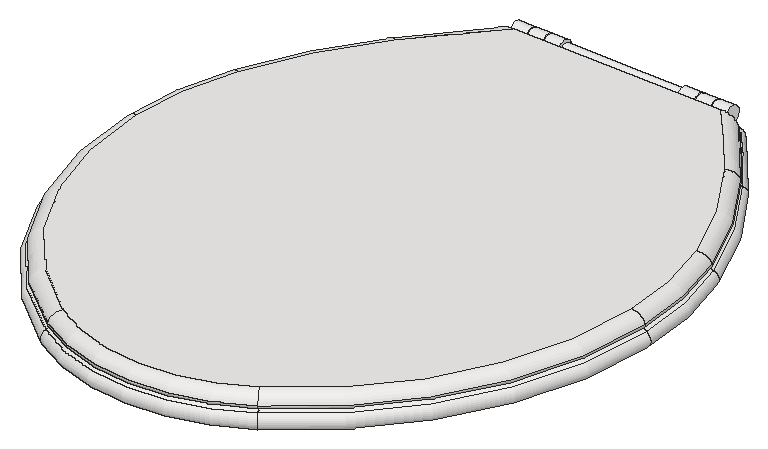
Revit family "ok-Celite_Universal_Assento para Bacia Sanitária_90981", category Plumbing Fixtures, Revit 2014
Parameters (values of type "Branco - 90981")
  WFU = 0
  Type Comments = ""
  Outros Complementos [instance] = "N/A"
  Assento [instance] = Celite - Louça_Branca
  HWFU = 0
  URL = "http://www.celite.com.br"
  Selo de Qualidade ofcdesk = "Standard"  # constant formula
  Model = Celite: Código  # "90981"
  Acessório [instance] = Celite - Cromado
  Manufacturer = Celite: Fabricante  # "Celite"
  Description = Celite: Descrição  # "Assento universal para bacia sanitária cor branco (90981), linha Universal - Louças Celite"
  Default Elevation = 0 mm
  Desenvolvido por = "ofcdesk"  # constant formula
  Celite: Versão = "Autodesk Revit MEP 2014"  # constant formula
  Celite: Tipo = "Assentos para bacias"  # constant formula
  Celite: Produto = "Assentos"  # constant formula
  Celite: Norma = "ABNT NBR 15097-1: 2011 - Requisitos e métodos de ensaio"
  Celite: Link do Produto = "http://www.celite.com.br/pt/produtos/categoria/4/linha/17/"
  Celite: Linha = "Universal"  # constant formula
  Celite: Informações Técnicas [instance] = "N/A"
  Celite: Informações Gerais [instance] = "N/A"
  Celite: Fabricante = "Celite"  # constant formula
  Celite: Desenho Técnico = "N/A"
  Celite: Descrição = "Assento universal para bacia sanitária cor branco (90981), linha Universal - Louças Celite"
  Celite: Código = "90981"
  Celite: Cores Disponíveis = "Branco"
  Celite: Copyright © = "© 2014 Celite"  # constant formula
  Celite: Complementos [instance] = "N/A"
  Celite: Categoria = "Assentos"  # constant formula
  Celite: Altura da Peça [instance] = 0 mm
  CWFU = 0
  Assembly Code = "D2010400"
Types (6, lengths in mm): name | Assento | Description | Celite: Descrição | Celite: Cores Disponíveis
  (no name) | Celite - Louça_Branca | "Assento universal para bacia sanitária cor branco (90981), linha Universal - Louças Celite" | "Assento universal para bacia sanitária cor branco (90981), linha Universal - Louças Celite" | "Branco"
  Pergamon - 90981 | Celite - Louça_Pergamon | "Assento universal para bacia sanitária cor pergamon  (90981), linha Universal - Louças Celite" | "Assento universal para bacia sanitária cor pergamon  (90981), linha Universal - Louças Celite" | "Pergamon"
  Branco - 90981 | Celite - Louça_Branca | "Assento universal para bacia sanitária cor branco (90981), linha Universal - Louças Celite" | "Assento universal para bacia sanitária cor branco (90981), linha Universal - Louças Celite" | "Branco"
  Cinza - 90981 | Celite - Louça_Cinza | "Assento universal para bacia sanitária cor cinza (90981), linha Universal - Louças Celite" | "Assento universal para bacia sanitária cor cinza (90981), linha Universal - Louças Celite" | "Cinza"
  Ocre - 90981 | Celite - Louça_Ocre | "Assento universal para bacia sanitária cor ocre (90981), linha Universal - Louças Celite" | "Assento universal para bacia sanitária cor ocre (90981), linha Universal - Louças Celite" | "Ocre"
  Cinza prata - 90981 | Celite - Louça_CinzaPrata | "Assento universal para bacia sanitária cor cinza prata (90981), linha Universal - Louças Celite" | "Assento universal para bacia sanitária cor cinza prata (90981), linha Universal - Louças Celite" | "Cinza prata"
Reference planes
  plane 1 "Center (Front/Back)": y = -81.088
  plane 2: z = 0
  plane 3 "Center (Left/Right)": x = 0
Forms (mm)
  Sweep 1, solid, material "Celite - Louça_Branca" <- "Assento"
    path origin (-40, -1554.682, 3.21) x (0, -1, 0) y (1, 0, 0)
      loop
        arc (-1505.097, 109.752) -> (-1470.679, 141.344) -> (-1434.654, 171.092) r 892.368
        arc (-1434.654, 171.092) -> (-1394.151, 197.965) -> (-1349.952, 218.193) r 310.763
        arc (-1349.952, 218.193) -> (-1311.316, 228.623) -> (-1271.457, 232.185) r 229.579
        arc (-1271.457, 232.185) -> (-1152.878, 202.524) -> (-1062.534, 120.19) r 250
        arc (-1062.534, 120.19) -> (-1038.395, 40) -> (-1062.534, -40.19) r 145.267
        arc (-1062.534, -40.19) -> (-1152.878, -122.524) -> (-1271.457, -152.185) r 250
        arc (-1271.457, -152.185) -> (-1311.316, -148.623) -> (-1349.952, -138.193) r 229.579
        arc (-1349.952, -138.193) -> (-1394.151, -117.965) -> (-1434.654, -91.092) r 310.763
        arc (-1434.654, -91.092) -> (-1470.679, -61.344) -> (-1505.097, -29.752) r 892.368
    profile origin (0, -516.287, 3.21) x (0, -1, 0) y (0, 0, 1)
      loop
        arc (-18.302, -3.156) -> (-12.83, 1.007) -> (-15.38, 7.392) r 5.678
        arc (-15.38, 7.392) -> (-17.254, 8.334) -> (-19.247, 8.988) r 14.092
        line (-19.247, 8.988) -> (-18.217, 8.988)
        arc (-18.217, 8.988) -> (-16.884, 9.646) -> (-16.597, 11.104) r 1.678
        arc (-16.597, 11.104) -> (-19.774, 15.839) -> (-25.175, 17.667) r 8.887
        line (-25.175, 17.667) -> (-26.817, 17.667) -> (-26.817, -3.156) -> (-18.302, -3.156)
  Extrusion 2, solid, material "Celite - Louça_Branca" <- "Assento"
    sketch origin (220.921, -315.751, 20.878) x (-0.819188, 0.573525, 0) y (-0.573525, -0.819188, 0)
      loop
        arc (373.837, 42.982) -> (372.727, 87.381) -> (364.706, 131.064) r 283.946
        arc (364.706, 131.064) -> (352.681, 164.3) -> (335.068, 194.942) r 202.762
        arc (335.068, 194.942) -> (252.664, 266.474) -> (146.196, 290.389) r 223.183
        arc (146.196, 290.389) -> (81.344, 269.012) -> (39.068, 215.387) r 118.45
        arc (39.068, 215.387) -> (25.113, 107.163) -> (64.134, 5.258) r 223.183
        arc (64.134, 5.258) -> (86.901, -21.776) -> (114.017, -44.446) r 202.762
        arc (114.017, -44.446) -> (152.32, -66.929) -> (193.659, -83.163) r 283.946
        arc (193.659, -83.163) -> (233.372, -94.244) -> (273.567, -103.421) r 865.551
        line (273.567, -103.421) -> (365.533, -39.034)
        arc (365.533, -39.034) -> (370.662, 1.875) -> (373.837, 42.982) r 865.551
    from -17.667 to 0
  Extrusion 3, solid, material "Celite - Cromado" <- "Acessório"
    sketch origin (-40, 117.984, -372.566) x (0, -1, 0) y (0, 0, 1)
      loop
        circle (199.006, 388.968) r 5.437
    from 0 to 11
  Extrusion 4, solid, material "Celite - Cromado" <- "Acessório"
    sketch origin (-40, 117.984, -372.566) x (0, -1, 0) y (0, 0, 1)
      loop
        circle (199.006, 388.968) r 5.437
    from 11 to 22
  Extrusion 5, solid, material "Celite - Cromado" <- "Acessório"
    sketch origin (-40, 117.984, -372.566) x (0, -1, 0) y (0, 0, 1)
      loop
        circle (199.006, 388.968) r 5.437
    from 22 to 33
  Extrusion 6, solid, material "Celite - Cromado" <- "Acessório"
    sketch origin (40, 117.984, -372.566) x (0, 1, 0) y (0, 0, 1)
      loop
        circle (-199.006, 388.968) r 5.437
    from 0 to 11
  Extrusion 7, solid, material "Celite - Cromado" <- "Acessório"
    sketch origin (40, 117.984, -372.566) x (0, 1, 0) y (0, 0, 1)
      loop
        circle (-199.006, 388.968) r 5.437
    from 11 to 22
  Extrusion 8, solid, material "Celite - Cromado" <- "Acessório"
    sketch origin (40, 117.984, -372.566) x (0, 1, 0) y (0, 0, 1)
      loop
        circle (-199.006, 388.968) r 5.437
    from 22 to 33
  Extrusion 9, void
    sketch origin (0, -280.028, -358.343) x (0, -1, 0) y (0, 0, 1)
      loop
        line (-198.94, 370.541) -> (-193.569, 370.541) -> (-193.569, 388.941) -> (-232.034, 388.941) -> (-232.034, 351.78) -> (-198.94, 351.78) -> (-198.94, 370.541)
    from 128.672 to -127.337
  Extrusion 10, solid, material "Celite - Cromado" <- "Acessório"
    sketch origin (-0.064, -30.682, -386.79) x (0, 1, 0) y (0, 0, 1)
      loop
        circle (-50.34, 403.191) r 3.908
    from -39.936 to 40.064
Cuts and joins
  Extrusion 9 cuts Sweep 1
  Extrusion 9 cuts Extrusion 2
  joined: Sweep 1, Extrusion 2
  joined: Extrusion 3, Extrusion 5, Extrusion 6, Extrusion 8, Extrusion 10
Dimensions and locks
  aligned and locked: level to plane 2
